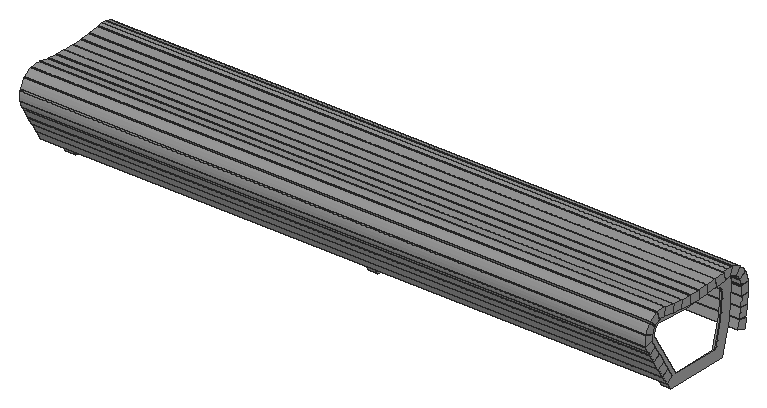
Revit family "Скамейка стальная «Парадайз» без спинки Арт 20723", category Антураж, Revit 2018
Family settings
  На основе рабочей плоскости = Нет
  Всегда вертикально = Да
  При загрузке вырезать с полостями = Нет
  Источник визуального образа = Геометрия семейства
  Общий = Нет
  Точка расчета площади = Нет
Parameters (values of type "Версия 3,0 м (3 опоры)")
  Ширина = 610 mm  # constant formula
  Цвет опор = Сталь
  Цвет лавки = Дерево
  Средняя опора = [Версия 3,0 м (3 опоры)]  # yes
  Описание = if([Версия 1,8 м], "Скамейка стальная «Парадайз» без спинки. Версия 1,8 м", "Скамейка стальная «Парадайз» без спинки. Версия 3,0 м (3 опоры)")  # "Скамейка стальная «Парадайз» без спинки. Версия 3,0 м (3 опоры)"
  Материал изделия = "Сталь, дерево"  # constant formula
  Изображение типоразмера = Скамейка стальная «Парадайз» без спинки Арт 20723.jpg
  Изготовитель = "ООО «Хоббика»"  # constant formula
  Длина = if([Версия 1,8 м], 1800 mm, 3000 mm)  # 3000 mm
  Группа модели = "Скамейки"  # constant formula
  Высота = 410 mm  # constant formula
  Версия 3,0 м (3 опоры) = not([Версия 1,8 м])  # yes
  Версия 1,8 м = no
  Артикул товара = "Арт. 20723"  # constant formula
  URL = "https://hobbyka.ru/product/banketka_paradise/"
Types (3, lengths in mm): name | Средняя опора | Описание | Длина | Версия 3,0 м (3 опоры) | Версия 1,8 м
  (no name) | yes | "Скамейка стальная «Парадайз» без спинки. Версия 3,0 м (3 опоры)" | 3000 | yes | no
  Версия 1,8 м | no | "Скамейка стальная «Парадайз» без спинки. Версия 1,8 м" | 1800 | no | yes
  Версия 3,0 м (3 опоры) | yes | "Скамейка стальная «Парадайз» без спинки. Версия 3,0 м (3 опоры)" | 3000 | yes | no
Reference planes
  plane 1 "По центру (Вперед/Назад)": y = 0
  plane 2: z = 0
  plane 3 "По центру (Влево/Вправо)": x = 0
  plane 4: x = 3000
  plane 5: y = 610
  plane 6: x = 50
  plane 7: x = 2950
  plane 8: x = 1500
  plane 9: z = 410
Forms (mm)
  Extrusion 1, solid, material "Дерево" <- "Цвет лавки"
    sketch origin (0, 0, 0) x (0, 1, 0) y (0, 0, 1)
      loop
        arc (574.405, 295.109) -> (574.274, 277.138) -> (573.725, 259.175) r 771.938
        line (573.725, 259.175) -> (611.689, 257.572)
        arc (611.689, 257.572) -> (612.258, 276.063) -> (612.405, 294.562) r 809.937
        arc (612.405, 294.562) -> (612.339, 298.408) -> (612.145, 302.249) r 115.782
        line (612.145, 302.249) -> (574.232, 299.702)
        arc (574.232, 299.702) -> (574.353, 297.407) -> (574.405, 295.109) r 77.766
      loop
        line (554.542, 117.712) -> (591.562, 109.145)
        arc (591.562, 109.145) -> (596.329, 131.133) -> (600.483, 153.246) r 809.937
        line (600.483, 153.246) -> (563.045, 159.743)
        arc (563.045, 159.743) -> (559.085, 138.668) -> (554.542, 117.712) r 771.938
      loop
        arc (496.642, 372.256) -> (503.041, 371.992) -> (509.396, 371.203) r 77.766
        line (509.396, 371.203) -> (515.639, 408.698)
        arc (515.639, 408.698) -> (504.22, 410.02) -> (492.727, 410.204) r 115.782
        arc (492.727, 410.204) -> (482.048, 408.235) -> (471.349, 406.38) r 1010.259
        line (471.349, 406.38) -> (477.642, 368.888)
        arc (477.642, 368.888) -> (487.15, 370.528) -> (496.642, 372.256) r 1048.251
      loop
        line (110.982, 372.385) -> (117.569, 409.811)
        arc (117.569, 409.811) -> (95.159, 411.201) -> (73.003, 407.566) r 100.201
        line (73.003, 407.566) -> (83.333, 370.935)
        arc (83.333, 370.935) -> (97.076, 373.214) -> (110.982, 372.385) r 62.371
      loop
        arc (48.926, 275.881) -> (43.443, 285.558) -> (39.77, 296.056) r 62.255
        line (39.77, 296.056) -> (3.139, 286.241)
        arc (3.139, 286.241) -> (8.734, 270.21) -> (16.956, 255.353) r 100.201
        line (16.956, 255.353) -> (22.492, 246.147) -> (55.038, 265.716) -> (48.926, 275.881)
      loop
        line (158.067, 94.288) -> (134.89, 132.861) -> (102.318, 113.289) -> (125.494, 74.717) -> (158.067, 94.288)
      loop
        line (132.315, 137.147) -> (109.138, 175.719) -> (76.566, 156.148) -> (99.742, 117.575) -> (132.315, 137.147)
      loop
        line (106.563, 180.005) -> (83.386, 218.578) -> (50.814, 199.006) -> (73.991, 160.434) -> (106.563, 180.005)
      loop
        line (80.811, 222.863) -> (57.634, 261.436) -> (25.062, 241.865) -> (48.239, 203.292) -> (80.811, 222.863)
      loop
        arc (39.183, 298.689) -> (37.993, 312.582) -> (39.918, 326.392) r 62.371
        line (39.918, 326.392) -> (3.066, 335.724)
        arc (3.066, 335.724) -> (0.027, 313.478) -> (2.019, 291.113) r 100.201
        line (2.019, 291.113) -> (39.183, 298.689)
      loop
        arc (40.762, 329.378) -> (46.341, 342.138) -> (54.613, 353.343) r 62.371
        line (54.613, 353.343) -> (26.681, 379.208)
        arc (26.681, 379.208) -> (13.367, 361.129) -> (4.413, 340.539) r 100.201
        line (4.413, 340.539) -> (40.762, 329.378)
      loop
        arc (56.777, 355.563) -> (67.763, 364.114) -> (80.372, 370.016) r 62.371
        line (80.372, 370.016) -> (68.226, 406.089)
        arc (68.226, 406.089) -> (47.884, 396.585) -> (30.169, 382.791) r 100.201
        line (30.169, 382.791) -> (56.777, 355.563)
      loop
        arc (112.927, 372.028) -> (137.321, 367.799) -> (161.808, 364.147) r 1048.251
        line (161.808, 364.147) -> (166.968, 401.797)
        arc (166.968, 401.797) -> (144.712, 405.099) -> (122.535, 408.897) r 1010.259
        line (122.535, 408.897) -> (112.927, 372.028)
      loop
        line (171.923, 401.13) -> (166.95, 363.455)
        arc (166.95, 363.455) -> (190.128, 360.657) -> (213.362, 358.376) r 1048.251
        line (213.362, 358.376) -> (216.652, 396.237)
        arc (216.652, 396.237) -> (194.26, 398.435) -> (171.923, 401.13) r 1010.259
      loop
        line (221.635, 395.816) -> (218.531, 357.939)
        arc (218.531, 357.939) -> (242.236, 356.266) -> (265.972, 355.131) r 1048.251
        line (265.972, 355.131) -> (265.972, 393.164)
        arc (265.972, 393.164) -> (243.788, 394.246) -> (221.635, 395.816) r 1010.259
      loop
        line (271.548, 392.968) -> (270.323, 354.981)
        arc (270.323, 354.981) -> (293.664, 354.488) -> (317.01, 354.513) r 1048.251
        line (317.01, 354.513) -> (316.542, 392.52)
        arc (316.542, 392.52) -> (294.043, 392.493) -> (271.548, 392.968) r 1010.259
      loop
        line (321.542, 392.593) -> (322.197, 354.59)
        arc (322.197, 354.59) -> (345.534, 355.251) -> (368.85, 356.432) r 1048.251
        line (368.85, 356.432) -> (366.503, 394.371)
        arc (366.503, 394.371) -> (344.032, 393.232) -> (321.542, 392.593) r 1010.259
      loop
        line (371.493, 394.692) -> (374.027, 356.765)
        arc (374.027, 356.765) -> (397.718, 358.617) -> (421.361, 361.006) r 1048.251
        line (421.361, 361.006) -> (415.734, 398.627)
        arc (415.734, 398.627) -> (393.635, 396.416) -> (371.493, 394.692) r 1010.259
      loop
        line (421.278, 399.259) -> (425.687, 361.502)
        arc (425.687, 361.502) -> (448.844, 364.466) -> (471.929, 367.946) r 1048.251
        line (471.929, 367.946) -> (465.844, 405.471)
        arc (465.844, 405.471) -> (443.596, 402.117) -> (421.278, 399.259) r 1010.259
      loop
        line (520.552, 407.77) -> (512.697, 370.581)
        arc (512.697, 370.581) -> (527.09, 366.048) -> (540.337, 358.82) r 77.766
        line (540.337, 358.82) -> (561.696, 390.253)
        arc (561.696, 390.253) -> (541.978, 401.017) -> (520.552, 407.77) r 115.782
      loop
        line (565.769, 387.355) -> (542.549, 357.26)
        arc (542.549, 357.26) -> (554.029, 346.971) -> (563.253, 334.62) r 77.766
        line (563.253, 334.62) -> (595.804, 354.226)
        arc (595.804, 354.226) -> (582.401, 372.254) -> (565.769, 387.355) r 115.782
      loop
        line (598.291, 349.888) -> (564.924, 331.706)
        arc (564.924, 331.706) -> (570.827, 317.816) -> (573.935, 303.048) r 77.766
        line (573.935, 303.048) -> (611.702, 307.229)
        arc (611.702, 307.229) -> (607.075, 329.212) -> (598.291, 349.888) r 115.782
      loop
        line (611.463, 252.577) -> (573.51, 254.414)
        arc (573.51, 254.414) -> (572.176, 233.012) -> (570.248, 211.655) r 771.938
        line (570.248, 211.655) -> (608.041, 207.713)
        arc (608.041, 207.713) -> (610.063, 230.122) -> (611.463, 252.577) r 809.937
      loop
        line (607.507, 202.742) -> (569.739, 206.917)
        arc (569.739, 206.917) -> (567.087, 185.638) -> (563.845, 164.44) r 771.938
        line (563.845, 164.44) -> (601.323, 158.175)
        arc (601.323, 158.175) -> (604.724, 180.415) -> (607.507, 202.742) r 809.937
    from 0 to 3000
Dimensions and locks
  locked: plane 3 "По центру (Влево/Вправо)" to plane 6 at 50
  locked: plane 7 to plane 4 at 50
  "Длина": plane 3 "По центру (Влево/Вправо)" to plane 4
  "Ширина": plane 5 to plane 1 "По центру (Вперед/Назад)"
  equal spacing: plane 3 "По центру (Влево/Вправо)", plane 8, plane 4
  "Высота": plane 9 to plane 2
  aligned and locked: level to plane 2
  aligned and locked: plane 6 to nested 1
  aligned and locked: nested 1 to plane 6
  aligned and locked: plane 8 to nested 2
  aligned and locked: plane 7 to nested 3
  aligned and locked: Extrusion 1 to plane 3 "По центру (Влево/Вправо)"
  aligned and locked: plane 4 to Extrusion 1
Automatic sketch dimensions
  Extrusion 1 sketch curve to Extrusion 1 sketch curve = 0.001 mm
  Extrusion 1 sketch curve to plane 1 "По центру (Вперед/Назад)" = 16.956 mm
  Extrusion 1 sketch curve to Extrusion 1 sketch curve = 31.97 mm
  Extrusion 1 sketch curve to Extrusion 1 sketch curve = 0.141 mm
  Extrusion 1 sketch curve to Extrusion 1 sketch curve = 0.048 mm
  Extrusion 1 sketch curve to Extrusion 1 sketch curve = 0.018 mm
  Extrusion 1 sketch curve to plane 5 = 55.458 mm
  Extrusion 1 sketch curve to plane 5 = 18.438 mm
  Extrusion 1 sketch curve to Extrusion 1 sketch curve = 19.571 mm
  level to Extrusion 1 sketch curve = 109.145 mm
  Extrusion 1 sketch curve to Extrusion 1 sketch curve = 8.567 mm
  Extrusion 1 sketch curve to Extrusion 1 sketch curve = 0.002 mm  (x2)
  Extrusion 1 sketch curve to Extrusion 1 sketch curve = 35.047 mm
  Extrusion 1 sketch curve to Extrusion 1 sketch curve = 0.198 mm
  Extrusion 1 sketch curve to Extrusion 1 sketch curve = 0.016 mm
  Extrusion 1 sketch curve to plane 1 "По центру (Вперед/Назад)" = 2.019 mm
  Extrusion 1 sketch curve to plane 1 "По центру (Вперед/Назад)" = 3.066 mm
  Extrusion 1 sketch curve to Extrusion 1 sketch curve = 2.57 mm
  Extrusion 1 sketch curve to plane 1 "По центру (Вперед/Назад)" = 26.681 mm
  Extrusion 1 sketch curve to plane 9 = 27.209 mm
  Extrusion 1 sketch curve to Extrusion 1 sketch curve = 9.743 mm
  Extrusion 1 sketch curve to Extrusion 1 sketch curve = 0.735 mm
  Extrusion 1 sketch curve to Extrusion 1 sketch curve = 0.586 mm
  Extrusion 1 sketch curve to Extrusion 1 sketch curve = 0.844 mm
  Extrusion 1 sketch curve to Extrusion 1 sketch curve = 23.177 mm  (x4)
  Extrusion 1 sketch curve to Extrusion 1 sketch curve = 2.575 mm  (x6)
  Extrusion 1 sketch curve to Extrusion 1 sketch curve = 13.851 mm
  Extrusion 1 sketch curve to plane 9 = 3.911 mm
  Extrusion 1 sketch curve to plane 9 = 2.434 mm
  Extrusion 1 sketch curve to plane 9 = 37.972 mm
  Extrusion 1 sketch curve to plane 9 = 0.189 mm
  Extrusion 1 sketch curve to Extrusion 1 sketch curve = 4.966 mm
  Extrusion 1 sketch curve to plane 9 = 1.103 mm
  Extrusion 1 sketch curve to plane 9 = 46.545 mm
  Extrusion 1 sketch curve to plane 9 = 8.203 mm
  Extrusion 1 sketch curve to plane 9 = 8.87 mm
  Extrusion 1 sketch curve to plane 9 = 13.763 mm
  Extrusion 1 sketch curve to plane 9 = 14.184 mm
  Extrusion 1 sketch curve to plane 9 = 16.836 mm
  Extrusion 1 sketch curve to plane 9 = 17.032 mm
  Extrusion 1 sketch curve to plane 9 = 17.48 mm
  Extrusion 1 sketch curve to plane 9 = 17.407 mm
  Extrusion 1 sketch curve to plane 9 = 15.629 mm
  Extrusion 1 sketch curve to plane 9 = 15.308 mm
  Extrusion 1 sketch curve to plane 9 = 10.741 mm
  Extrusion 1 sketch curve to plane 9 = 4.529 mm
  Extrusion 1 sketch curve to plane 9 = 3.62 mm
  Extrusion 1 sketch curve to plane 9 = 42.054 mm
  Extrusion 1 sketch curve to plane 9 = 41.112 mm
  Extrusion 1 sketch curve to Extrusion 1 sketch curve = 21.377 mm
  Extrusion 1 sketch curve to plane 9 = 38.797 mm
  Extrusion 1 sketch curve to plane 9 = 39.419 mm
  Extrusion 1 sketch curve to plane 9 = 1.302 mm
  Extrusion 1 sketch curve to plane 9 = 2.23 mm
  Extrusion 1 sketch curve to plane 9 = 51.18 mm
  Extrusion 1 sketch curve to plane 9 = 52.74 mm
  Extrusion 1 sketch curve to plane 9 = 19.747 mm
  Extrusion 1 sketch curve to Extrusion 1 sketch curve = 20.704 mm
  Extrusion 1 sketch curve to plane 9 = 22.645 mm
  Extrusion 1 sketch curve to Extrusion 1 sketch curve = 5.894 mm
  Extrusion 1 sketch curve to Extrusion 1 sketch curve = 0.509 mm
  Extrusion 1 sketch curve to Extrusion 1 sketch curve = 3.262 mm
  Extrusion 1 sketch curve to Extrusion 1 sketch curve = 0.216 mm
  Extrusion 1 sketch curve to plane 5 = 14.196 mm
  Extrusion 1 sketch curve to Extrusion 1 sketch curve = 2.486 mm
  Extrusion 1 sketch curve to plane 5 = 8.677 mm
  Extrusion 1 sketch curve to plane 5 = 1.959 mm
  plane 5 to Extrusion 1 sketch curve = 1.463 mm
  plane 5 to Extrusion 1 sketch curve = 2.145 mm
  plane 5 to Extrusion 1 sketch curve = 1.689 mm
  level to Extrusion 1 sketch curve = 159.743 mm
  Extrusion 1 sketch curve to Extrusion 1 sketch curve = 5.536 mm
  Extrusion 1 sketch curve to Extrusion 1 sketch curve = 8.708 mm
  Extrusion 1 sketch curve to Extrusion 1 sketch curve = 0 mm  (x70)
  Extrusion 1 sketch curve to Extrusion 1 sketch curve = 0.209 mm
  Extrusion 1 sketch curve to Extrusion 1 sketch curve = 4.286 mm  (x6)
  Extrusion 1 sketch curve to Extrusion 1 sketch curve = 4.282 mm
  Extrusion 1 sketch curve to Extrusion 1 sketch curve = 0.358 mm
  Extrusion 1 sketch curve to Extrusion 1 sketch curve = 2.596 mm
  Extrusion 1 sketch curve to Extrusion 1 sketch curve = 9.207 mm
  Extrusion 1 sketch curve to Extrusion 1 sketch curve = 2.164 mm
  Extrusion 1 sketch curve to Extrusion 1 sketch curve = 1.12 mm
  Extrusion 1 sketch curve to Extrusion 1 sketch curve = 3.487 mm
  Extrusion 1 sketch curve to Extrusion 1 sketch curve = 4.955 mm
  Extrusion 1 sketch curve to Extrusion 1 sketch curve = 5.142 mm
  Extrusion 1 sketch curve to Extrusion 1 sketch curve = 2.961 mm
  Extrusion 1 sketch curve to Extrusion 1 sketch curve = 4.872 mm
  Extrusion 1 sketch curve to Extrusion 1 sketch curve = 1.348 mm
  Extrusion 1 sketch curve to Extrusion 1 sketch curve = 2.633 mm
  Extrusion 1 sketch curve to Extrusion 1 sketch curve = 2.986 mm
  Extrusion 1 sketch curve to Extrusion 1 sketch curve = 23.596 mm
  Extrusion 1 sketch curve to Extrusion 1 sketch curve = 4.814 mm
  Extrusion 1 sketch curve to Extrusion 1 sketch curve = 12.146 mm
  Extrusion 1 sketch curve to Extrusion 1 sketch curve = 4.776 mm
  Extrusion 1 sketch curve to Extrusion 1 sketch curve = 6.587 mm
  Extrusion 1 sketch curve to Extrusion 1 sketch curve = 19.76 mm
  Extrusion 1 sketch curve to Extrusion 1 sketch curve = 2.22 mm
  Extrusion 1 sketch curve to Extrusion 1 sketch curve = 0.919 mm
  Extrusion 1 sketch curve to Extrusion 1 sketch curve = 1.945 mm
  Extrusion 1 sketch curve to Extrusion 1 sketch curve = 5.159 mm
  Extrusion 1 sketch curve to Extrusion 1 sketch curve = 4.982 mm
  Extrusion 1 sketch curve to Extrusion 1 sketch curve = 5.577 mm
  Extrusion 1 sketch curve to Extrusion 1 sketch curve = 4.999 mm
  Extrusion 1 sketch curve to Extrusion 1 sketch curve = 4.99 mm
  Extrusion 1 sketch curve to Extrusion 1 sketch curve = 5.544 mm
  Extrusion 1 sketch curve to Extrusion 1 sketch curve = 5.506 mm
  Extrusion 1 sketch curve to Extrusion 1 sketch curve = 5.713 mm
  Extrusion 1 sketch curve to Extrusion 1 sketch curve = 5.177 mm
  Extrusion 1 sketch curve to Extrusion 1 sketch curve = 5.188 mm
  Extrusion 1 sketch curve to Extrusion 1 sketch curve = 5.17 mm
  Extrusion 1 sketch curve to Extrusion 1 sketch curve = 3.29 mm
  Extrusion 1 sketch curve to Extrusion 1 sketch curve = 4.351 mm
  Extrusion 1 sketch curve to Extrusion 1 sketch curve = 44.337 mm
  Extrusion 1 sketch curve to Extrusion 1 sketch curve = 0.437 mm
  Extrusion 1 sketch curve to Extrusion 1 sketch curve = 0.467 mm
  Extrusion 1 sketch curve to Extrusion 1 sketch curve = 0.15 mm
  Extrusion 1 sketch curve to Extrusion 1 sketch curve = 2.347 mm
  Extrusion 1 sketch curve to Extrusion 1 sketch curve = 0.076 mm
  Extrusion 1 sketch curve to Extrusion 1 sketch curve = 5.627 mm
  Extrusion 1 sketch curve to plane 9 = 118.271 mm
  Extrusion 1 sketch curve to plane 9 = 11.373 mm
  Extrusion 1 sketch curve to Extrusion 1 sketch curve = 0.333 mm
  Extrusion 1 sketch curve to Extrusion 1 sketch curve = 4.326 mm
  Extrusion 1 sketch curve to Extrusion 1 sketch curve = 6.085 mm
  Extrusion 1 sketch curve to Extrusion 1 sketch curve = 0.496 mm
  Extrusion 1 sketch curve to Extrusion 1 sketch curve = 22.913 mm
  Extrusion 1 sketch curve to Extrusion 1 sketch curve = 1.671 mm
  Extrusion 1 sketch curve to Extrusion 1 sketch curve = 0.297 mm
  Extrusion 1 sketch curve to Extrusion 1 sketch curve = 0.534 mm
  Extrusion 1 sketch curve to Extrusion 1 sketch curve = 0.8 mm
  Extrusion 1 sketch curve to Extrusion 1 sketch curve = 0.84 mm
  plane 5 to Extrusion 1 sketch curve = 2.405 mm
  Extrusion 1 sketch curve to Extrusion 1 sketch curve = 4.929 mm
  Extrusion 1 sketch curve to Extrusion 1 sketch curve = 4.738 mm
  Extrusion 1 sketch curve to Extrusion 1 sketch curve = 4.971 mm
  Extrusion 1 sketch curve to Extrusion 1 sketch curve = 4.761 mm
  Extrusion 1 sketch curve to Extrusion 1 sketch curve = 4.995 mm
  plane 5 to Extrusion 1 sketch curve = 1.702 mm
  Extrusion 1 sketch curve to Extrusion 1 sketch curve = 3.346 mm
  Extrusion 1 sketch curve to Extrusion 1 sketch curve = 0.172 mm
  Extrusion 1 sketch curve to Extrusion 1 sketch curve = 4.98 mm
  Extrusion 1 sketch curve to Extrusion 1 sketch curve = 10.682 mm
  Extrusion 1 sketch curve to Extrusion 1 sketch curve = 2.212 mm
  Extrusion 1 sketch curve to Extrusion 1 sketch curve = 2.914 mm
  Extrusion 1 sketch curve to Extrusion 1 sketch curve = 4.337 mm
  Extrusion 1 sketch curve to Extrusion 1 sketch curve = 4.074 mm
  Extrusion 1 sketch curve to Extrusion 1 sketch curve = 4.913 mm
  Extrusion 1 sketch curve to Extrusion 1 sketch curve = 21.359 mm
  Extrusion 1 sketch curve to Extrusion 1 sketch curve = 3.3 mm
Nested families
  nested 1: "Скамейка стальная «Парадайз» без спинки Арт 20723 опора" at (50, 7.162, 0), type "Скамейка стальная «Парадайз» без спинки Арт 20723 опора"
  nested 2: "Скамейка стальная «Парадайз» без спинки Арт 20723 опора" at (1500, 7.162, 0), visible <- "Средняя опора", type "Скамейка стальная «Парадайз» без спинки Арт 20723 опора"
  nested 3: "Скамейка стальная «Парадайз» без спинки Арт 20723 опора" at (2950, 7.162, 0) x (-1, 0, 0) z (0, 0, 1), type "Скамейка стальная «Парадайз» без спинки Арт 20723 опора"
Definition of nested family "Скамейка стальная «Парадайз» без спинки Арт 20723 опора"
  Parameters (values of type "Скамейка стальная «Парадайз» без спинки Арт 20723 опора")
    Цвет опор = none
    Height = 0 mm
  Reference planes
    plane 1 "По центру (Вперед/Назад)": y = 0
    plane 2: z = 0
    plane 3 "По центру (Влево/Вправо)": x = 0
    plane 4: y = 600
    plane 5: z = 410
  Forms (mm)
    Extrusion 1, solid, material <- "Цвет опор"
      sketch origin (0, 0, 0) x (0, 1, 0) y (0, 0, 1)
        loop
          arc (510, 0) -> (553.065, 144.437) -> (567.243, 294.488) r 771.937
          arc (567.243, 294.488) -> (544.461, 349.488) -> (489.461, 372.27) r 77.782
          arc (489.461, 372.27) -> (296.961, 354.443) -> (104.461, 372.27) r 1048.259
          arc (104.461, 372.27) -> (40.872, 345.004) -> (41.827, 275.823) r 62.201
          line (41.827, 275.823) -> (207.559, 0) -> (510, 0)
        loop
          arc (463.846, 317.197) -> (304.479, 304.469) -> (144.954, 315.013) r 1098.259
          arc (144.954, 315.013) -> (112.282, 297.16) -> (109.654, 260.02) r 38.828
          line (109.654, 260.02) -> (235.847, 50) -> (475.575, 50)
          arc (475.575, 50) -> (505.066, 159.666) -> (516.994, 272.6) r 721.937
          arc (516.994, 272.6) -> (498.376, 304.38) -> (463.846, 317.197) r 54.802
      from 0 to 5
    Extrusion 2, solid, material <- "Цвет опор"
      sketch origin (0, 0, 0) x (0, 1, 0) y (0, 0, 1)
        loop
          arc (104.461, 372.27) -> (40.872, 345.004) -> (41.827, 275.823) r 62.201
          line (41.827, 275.823) -> (207.559, 0) -> (510, 0)
          arc (510, 0) -> (553.065, 144.437) -> (567.243, 294.488) r 771.937
          arc (567.243, 294.488) -> (544.461, 349.488) -> (489.461, 372.27) r 77.782
          arc (489.461, 372.27) -> (296.961, 354.443) -> (104.461, 372.27) r 1048.259
        loop
          arc (103.543, 367.355) -> (45.024, 342.216) -> (46.031, 278.535) r 57.201
          line (46.031, 278.535) -> (210.387, 5) -> (506.633, 5)
          arc (506.633, 5) -> (548.476, 147.043) -> (562.243, 294.479) r 766.937
          arc (562.243, 294.479) -> (541.089, 345.788) -> (489.916, 367.268) r 72.782
          arc (489.916, 367.268) -> (296.725, 349.443) -> (103.543, 367.355) r 1053.259
      from 5 to 45
  Cuts and joins
    joined: Extrusion 1, Extrusion 2
  Dimensions and locks
    aligned and locked: level to plane 2
